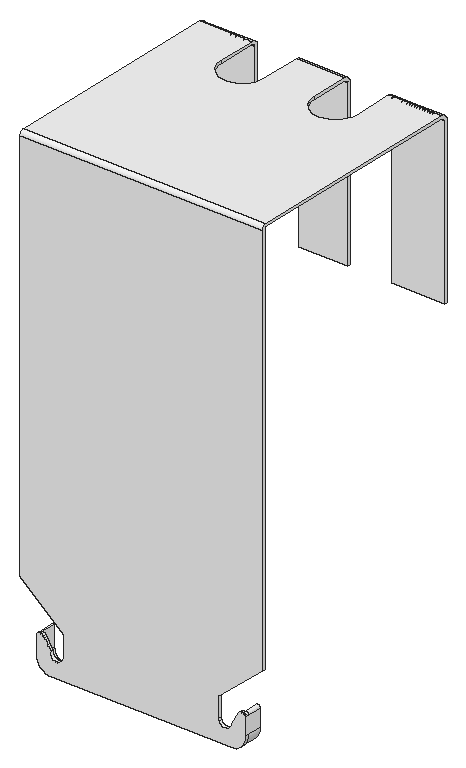
Revit family "wclip_100", category 機械設備, Revit 2022
Family settings
  丸型コネクタ寸法 = 直径を使用
  種別 = なし
  パーツ タイプ = 標準
  作業面ベース = いいえ
  常に垂直 = はい
  ロード時にボイドで切り取り = いいえ
  注釈の向きを維持 = いいえ
  共有 = いいえ
  部屋計算ポイント = いいえ
Parameters
  製造元 = "株式会社桐井製作所"
  既定の高さ = 0 mm
  URL = "https://www.kirii.co.jp/"
  K_品名 = "特殊100mmWクリップ"
  K_名称 = "特殊クリップ"
  K_入数 = "100"
  K_バージョン情報 = "20211012"
Reference planes
  plane 1 "中心(正面/背面)": y = 0
  plane 2: z = 0
  plane 3 "中心(左/右)": x = 0
Forms (mm)
  Extrusion 1, solid
    sketch origin (0, 30, 0) x (0, 1, 0) y (0, 0, 1)
      loop
        line (-30, 0) -> (-29.4, -0.6) -> (-29.4, 108.05) -> (21, 108.05)
        arc (21, 108.05) -> (21.46, 107.86) -> (21.65, 107.4) r 0.65
        line (21.65, 107.4) -> (21.65, 69.45) -> (22.25, 70.05) -> (22.25, 107.35)
        arc (22.25, 107.35) -> (21.884, 108.234) -> (21, 108.6) r 1.25
        line (21, 108.6) -> (-29, 108.6)
        arc (-29, 108.6) -> (-29.707, 108.307) -> (-30, 107.6) r 1
        line (-30, 107.6) -> (-30, 0)
    from -27.5 to 27.5
  Extrusion 2, void
    sketch origin (0, -0.6, -0.8) x (0, 1, 0) y (0, 0, 1)
      loop
        line (0.387, 0.8) -> (0.387, -0.064) -> (1.428, -0.064) -> (1.428, 0.8) -> (0.387, 0.8)
    from -27.5 to 27.5
  Extrusion 3, void
    sketch origin (0, 0, 0) x (1, 0, 0) y (0, 0, 1)
      loop
        line (-27.5, 18) -> (-27.5, 0) -> (-20.3, 0)
        arc (-20.3, 0) -> (-22.775, 1.025) -> (-23.8, 3.5) r 3.5
        line (-23.8, 3.5) -> (-23.8, 7.345)
        arc (-23.8, 7.345) -> (-23.554, 7.857) -> (-23, 7.984) r 0.655
        arc (-23, 7.984) -> (-22.556, 7.985) -> (-22.215, 7.701) r 0.647
        line (-22.215, 7.701) -> (-20.65, 5)
        arc (-20.65, 5) -> (-20.211, 3.939) -> (-19.15, 3.5) r 1.5
        arc (-19.15, 3.5) -> (-18.089, 3.939) -> (-17.65, 5) r 1.5
        line (-17.65, 5) -> (-17.65, 9.5) -> (-27.5, 18)
      loop
        line (27.5, 18) -> (17.65, 9.5) -> (17.65, 5)
        arc (17.65, 5) -> (18.089, 3.939) -> (19.15, 3.5) r 1.5
        arc (19.15, 3.5) -> (20.211, 3.939) -> (20.65, 5) r 1.5
        line (20.65, 5) -> (22.215, 7.701)
        arc (22.215, 7.701) -> (22.556, 7.985) -> (23, 7.984) r 0.647
        arc (23, 7.984) -> (23.554, 7.857) -> (23.8, 7.345) r 0.655
        line (23.8, 7.345) -> (23.8, 3.5)
        arc (23.8, 3.5) -> (22.775, 1.025) -> (20.3, 0) r 3.5
        line (20.3, 0) -> (27.5, 0) -> (27.5, 18)
    from -0.6 to 0
  Extrusion 4, void
    sketch origin (0, 35.371, 45.276) x (0, 1, 0) y (0, 0, 1)
      loop
        line (15.756, 24.774) -> (15.756, 23.898) -> (16.879, 23.898) -> (16.879, 24.774) -> (15.756, 24.774)
    from -27.5 to 27.5
  Extrusion 5, solid
    sketch origin (0, 0, 0) x (1, 0, 0) y (0, 0, 1)
      loop
        arc (-23.8, 3.5) -> (-22.775, 1.025) -> (-20.3, 0) r 3.5
        line (-20.3, 0) -> (20.3, 0)
        arc (20.3, 0) -> (22.775, 1.025) -> (23.8, 3.5) r 3.5
        line (23.8, 3.5) -> (23.8, 7.345)
        arc (23.8, 7.345) -> (23.554, 7.857) -> (23, 7.984) r 0.655
        line (23, 7.984) -> (23, 3.5)
        arc (23, 3.5) -> (22.209, 1.591) -> (20.3, 0.8) r 2.7
        line (20.3, 0.8) -> (-20.3, 0.8)
        arc (-20.3, 0.8) -> (-22.209, 1.591) -> (-23, 3.5) r 2.7
        line (-23, 3.5) -> (-23, 7.984)
        arc (-23, 7.984) -> (-23.554, 7.857) -> (-23.8, 7.345) r 0.655
        line (-23.8, 7.345) -> (-23.8, 3.5)
    from -4 to -0.6
  Extrusion 6, void
    sketch origin (-10.5, 39.471, 33.072) x (1, 0, 0) y (0, 1, 0)
      loop
        line (-5, 12.779) -> (-5, 2.529)
        arc (-5, 2.529) -> (-3.536, -1.007) -> (0, -2.471) r 5
        arc (0, -2.471) -> (3.536, -1.007) -> (5, 2.529) r 5
        line (5, 2.529) -> (5, 12.779) -> (-5, 12.779)
    from 36.101 to 75.528
  Extrusion 7, void
    sketch origin (10.5, 39.471, 33.072) x (1, 0, 0) y (0, 1, 0)
      loop
        line (-5, 12.779) -> (-5, 2.529)
        arc (-5, 2.529) -> (-3.536, -1.007) -> (0, -2.471) r 5
        arc (0, -2.471) -> (3.536, -1.007) -> (5, 2.529) r 5
        line (5, 2.529) -> (5, 12.779) -> (-5, 12.779)
    from 36.101 to 75.528
Cuts and joins
  Extrusion 2, Extrusion 3, Extrusion 4, Extrusion 6, Extrusion 7 cuts Extrusion 1
  Extrusion 6, Extrusion 7 cuts Extrusion 5
  joined: Extrusion 1, Extrusion 5
Dimensions and locks
  aligned and locked: level to plane 2
